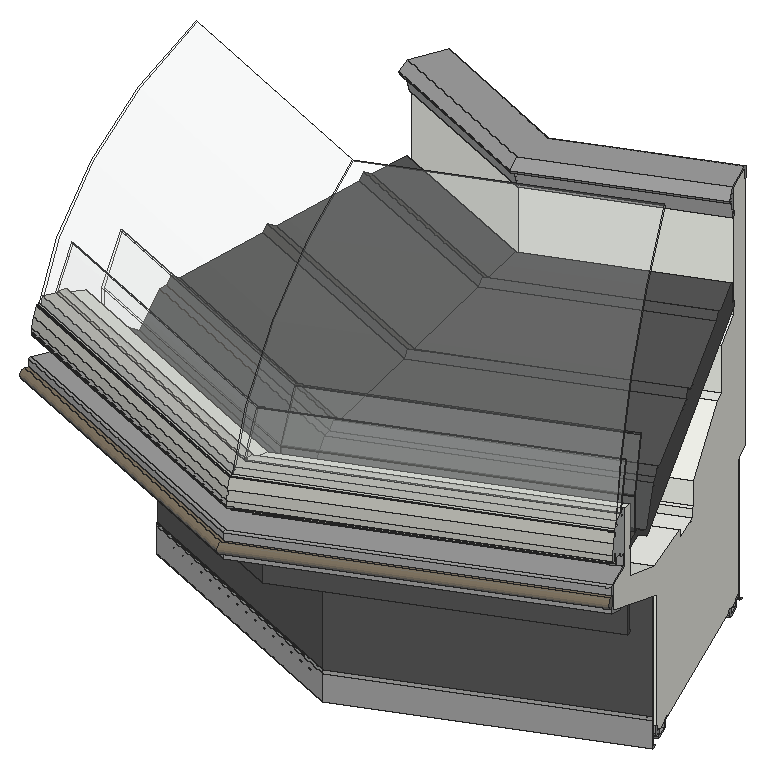
Revit family "DSFM-45-OS-CG_2014", category Specialty Equipment, Revit 2014
Parameters (values of type "45 OS")
  Width = 65 3/4"  # constant formula
  Waste Drain = 1 1/2"  # constant formula
  URL = "www.hussmann.com"
  Type Comments = "Chino"  # constant formula
  Trim = Stainless Steel
  Total Weight = Case Weight + (2 * End Weight)  # 0.00 lbf
  Splashguard = Stainless Steel
  Shelves = Sheet Metal (Steel Painted) - 701 Black
  Revit Family Date = "09/20/2016"  # constant formula
  Refrigeration Lines Suction = 5/8"  # constant formula
  Refrigeration Lines Liquid = 3/8"  # constant formula
  Refrig. Suction = "Suction"
  Refrig. Liquid = "Liquid"
  Number of Supports = 2  # constant formula
  Note from Manufacturer = "This model only comes in one size."  # constant formula
  Model URL = "http://www.hussmann.com/en/product%20viewer/display-cases/DSFM"
  Model = "DSFM - 45 Outside Wedge with Curved Glass"  # constant formula
  Manufacturer Disclaimer = "The information in this file is not intended to be an exact representation of the corresponding Hussmann product.  Further, we reserve the right to change or revise specifications and product design in connection with any feature of our products. Such changes do not entitle the buyer to corresponding changes, improvements, additions, or replacements for equipment previously sold or shipped."  # constant formula
  Manufacturer = "Hussmann Corporation"  # constant formula
  Light [instance] = yes
  Height = 52 1/4"  # constant formula
  Glazing = Glass
  End Weight = 0.00 lbf  # constant formula
  Door Frame = Plastic - 144 Mist Gray
  Description = "Medium Depth Service Merchandiser for Fresh Seafood Applications"  # constant formula
  Depth = 42 1/2"  # constant formula
  Cutsheet URL = "http://www.hussmann.com/en/Technical%20Documents/DSFM_ds_En.pdf"
  Close Off Panel = Textured Sheet Metal (Steel Painted) - 701 Black
  Case Weight = 0.00 lbf  # constant formula
  Case Interior - Side Panel = Mirror
  Case Interior - Back Panel = Mirror
  Case = Textured Sheet Metal (Steel Painted) - 149 White Satin Matte
  Bumper = Extruded PVC - 747 Chocolate Brown
  Assembly Code = ""
  Accessories/Options = ""
Reference planes (in)
  plane 1 "Bottom": z = 0
  plane 2 "Center (Left/Right)": x = -29.25915
  plane 3 "Right": through (-12.67103, 5.83818, 48) normal (0.9239, 0.3827, 0)
  plane 4 "Left": through (-62.10519, -33.41192, 48) normal (-0.9239, 0.3827, 0)
  plane 5 "Front Right": through (-29.25915, -47.0172, 48) normal (-0.3827, 0.9239, 0)
  plane 6 "Front Left": through (-62.10519, -33.41192, 48) normal (0.3827, 0.9239, 0)
  plane 7 "Front": y = -47.0172
  plane 8 "Back Right": through (-14.06297, 5.27893, 48) normal (-0.3827, 0.9239, 0)
  plane 9 "Back Left": through (-180.26562, 61.5334, 48) normal (0.3827, 0.9239, 0)
  plane 10 "Back": y = 5.85296
Forms (in)
  Extrusion 1, solid, material "Metal - Copper"
    sketch origin (57.40105, 5, -0.375) x (1, 0, 0) y (0, 1, 0)
      loop
        circle (-89.4727, -19.39053) r 0.28859
      loop
        circle (-89.4727, -19.39053) r 0.3125
    from 4.26162 to 0.375
  Extrusion 2, solid, material "Metal - Copper"
    sketch origin (59.82608, 5, -0.375) x (1, 0, 0) y (0, 1, 0)
      loop
        circle (-91.39773, -19.39053) r 0.17188
      loop
        circle (-91.39773, -19.39053) r 0.1875
    from 4.26162 to 0.375
  Extrusion 3, solid, material "Metal - Copper"
    sketch origin (-56.6875, 1.04319, 0) x (1, 0, 0) y (0, 1, 0)
      loop
        arc (27.42835, -21.30872) -> (26.89802, -21.52839) -> (26.67835, -22.05872) r 0.75
        arc (26.67835, -22.05872) -> (26.89802, -22.58905) -> (27.42835, -22.80872) r 0.75
        arc (27.42835, -22.80872) -> (27.95868, -22.58905) -> (28.17835, -22.05872) r 0.75
        arc (28.17835, -22.05872) -> (27.95868, -21.52839) -> (27.42835, -21.30872) r 0.75
      loop
        circle (27.42835, -22.05872) r 0.7102
    from 6.42413 to 3.51473
  Sweep 4, solid, material "Textured Sheet Metal (Steel Painted) - 149 White Satin Matte" <- "Case"
    path in 3D
      loop
        line (3.58689, -33.41192, 0) -> (-29.25915, -47.0172, 0) -> (-62.10519, -33.41192, 0)
    profile origin (3.58689, -33.41192, 0) x (0.382683, -0.92388, 0) y (0, 0, 1)
      loop
        line (-42.5465, 42.51732) -> (-42.5465, 14.62462) -> (-40.44304, 14.62462) -> (-40.44304, 0.83962) -> (-14.71056, 0.83962) -> (-14.71056, 14.76385) -> (-1.45118, 20.39212) -> (-0.9905, 20.39212) -> (-0.9905, 22.76712) -> (-1.2405, 23.01712) -> (-4.62035, 23.01712) -> (-4.62035, 28.62819) -> (-6.48624, 28.26483) -> (-6.48624, 27.34944) -> (-6.33667, 25.63995) -> (-6.33667, 21.19008) -> (-14.37777, 17.77684) -> (-22.04352, 17.26314) -> (-22.04352, 16.34236) -> (-25.98102, 16.34236) -> (-25.98102, 17.25175) -> (-26.55143, 17.26171) -> (-26.55143, 19.72211) -> (-33.92025, 23.69965) -> (-35.27325, 23.80279) -> (-35.27325, 28.52488) -> (-38.8774, 29.66553) -> (-38.8774, 39.92387) -> (-38.79697, 39.92387) -> (-38.63795, 40.51732) -> (-38.63795, 42.51732) -> (-42.5465, 42.51732)
  Sweep 5, solid, material "Textured Sheet Metal (Steel Painted) - 701 Black" <- "Close Off Panel"
    path in 3D
      loop
        line (3.58689, -33.41192, 0) -> (-29.25915, -47.0172, 0) -> (-62.10519, -33.41192, 0)
    profile origin (3.58689, -33.41192, 0) x (0.382683, -0.92388, 0) y (0, 0, 1)
      loop
        line (-13.64908, 0.75286) -> (-13.64908, 15.21442) -> (-13.72194, 15.18349) -> (-13.72194, 0.75286) -> (-13.64908, 0.75286)
      loop
        line (-40.44304, 14.58962) -> (-40.56804, 14.58962) -> (-40.56804, 0.83962) -> (-40.44304, 0.83962) -> (-40.44304, 14.58962)
  Sweep 6, solid, material "Stainless Steel" <- "Trim"
    path in 3D
      loop
        line (3.58689, -33.41192, 0) -> (-29.25915, -47.0172, 0) -> (-62.10519, -33.41192, 0)
    profile origin (3.58689, -33.41192, 0) x (0.382683, -0.92388, 0) y (0, 0, 1)
      loop
        line (-14.63206, 1.657) -> (-14.71056, 1.657) -> (-14.71056, 0.83962) -> (-15.55031, 0.83962)
        arc (-15.55031, 0.83962) -> (-15.58749, 0.81085) -> (-15.60156, 0.766) r 0.0785
        line (-15.60156, 0.766) -> (-15.60156, 0.0785) -> (-17.28906, 0.0785) -> (-17.28906, 0.766)
        arc (-17.28906, 0.766) -> (-17.30314, 0.81085) -> (-17.34031, 0.83962) r 0.0785
        line (-17.34031, 0.83962) -> (-18.11756, 0.83962) -> (-18.11756, 0.766) -> (-17.36756, 0.766) -> (-17.36756, 0.0785)
        arc (-17.36756, 0.0785) -> (-17.34457, 0.02299) -> (-17.28906, 0) r 0.0785
        line (-17.28906, 0) -> (-15.60156, 0)
        arc (-15.60156, 0) -> (-15.54605, 0.02299) -> (-15.52306, 0.0785) r 0.0785
        line (-15.52306, 0.0785) -> (-15.52306, 0.766) -> (-14.71056, 0.766)
        arc (-14.71056, 0.766) -> (-14.65505, 0.78899) -> (-14.63206, 0.8445) r 0.0785
        line (-14.63206, 0.8445) -> (-14.63206, 1.657)
      loop
        line (-40.51356, 0.766) -> (-39.70106, 0.766) -> (-39.70106, 0.0785)
        arc (-39.70106, 0.0785) -> (-39.67807, 0.02299) -> (-39.62256, 0) r 0.0785
        line (-39.62256, 0) -> (-37.93506, 0)
        arc (-37.93506, 0) -> (-37.87955, 0.02299) -> (-37.85656, 0.0785) r 0.0785
        line (-37.85656, 0.0785) -> (-37.85656, 0.766) -> (-37.12376, 0.766) -> (-37.12376, 0.8445) -> (-37.82656, 0.8445)
        arc (-37.82656, 0.8445) -> (-37.90328, 0.81272) -> (-37.93506, 0.736) r 0.1085
        line (-37.93506, 0.736) -> (-37.93506, 0.1085)
        arc (-37.93506, 0.1085) -> (-37.94385, 0.08729) -> (-37.96506, 0.0785) r 0.03
        line (-37.96506, 0.0785) -> (-39.59256, 0.0785)
        arc (-39.59256, 0.0785) -> (-39.61377, 0.08729) -> (-39.62256, 0.1085) r 0.03
        line (-39.62256, 0.1085) -> (-39.62256, 0.766)
        arc (-39.62256, 0.766) -> (-39.63664, 0.81085) -> (-39.67381, 0.83962) r 0.0785
        line (-39.67381, 0.83962) -> (-40.51356, 0.83962) -> (-40.51356, 0.766)
  Sweep 7, solid, material "Stainless Steel" <- "Splashguard"
    path in 3D
      loop
        line (3.58689, -33.41192, 0) -> (-29.25915, -47.0172, 0) -> (-62.10519, -33.41192, 0)
    profile origin (3.58689, -33.41192, 0) x (0.382683, -0.92388, 0) y (0, 0, 1)
      loop
        line (-13.56852, 2.78974) -> (-13.61085, 3.09929) -> (-13.64554, 3.09462) -> (-13.6032, 2.785) -> (-13.6032, 0.035) -> (-14.1032, 0.035) -> (-14.1032, 0) -> (-13.56819, 0) -> (-13.56852, 2.78974)
      loop
        line (-40.62706, 2.85914) -> (-40.62706, 0.48261) -> (-40.94846, 0.09959) -> (-41.31776, 0.03447) -> (-41.31168, 0) -> (-40.92983, 0.06733) -> (-40.59206, 0.46987) -> (-40.59206, 2.85761) -> (-40.57027, 3.10666) -> (-40.60514, 3.10971) -> (-40.62706, 2.85914)
  Sweep 8, solid, material "Stainless Steel" <- "Trim"
    path in 3D
      loop
        line (3.58689, -33.41192, 0) -> (-29.25915, -47.0172, 0) -> (-62.10519, -33.41192, 0)
    profile origin (3.58689, -33.41192, 0) x (0.382683, -0.92388, 0) y (0, 0, 1)
      loop
        line (-4.55623, 24.23914) -> (-4.62035, 24.23914) -> (-4.62035, 23.01712) -> (-1.2405, 23.01712) -> (-0.9905, 22.76712) -> (-0.9905, 20.39212) -> (-1.45118, 20.39212) -> (-3.45395, 19.54199) -> (-3.39519, 19.38055) -> (-0.88, 20.29601) -> (-0.88, 22.89212)
        arc (-0.88, 22.89212) -> (-0.93067, 23.01445) -> (-1.053, 23.06512) r 0.173
        line (-1.053, 23.06512) -> (-4.55623, 23.06512) -> (-4.55623, 24.23914)
      loop
        line (-38.5595, 42.56512) -> (-42.609, 42.56512) -> (-42.609, 41.32812) -> (-42.5465, 41.32812) -> (-42.5465, 42.51732) -> (-38.63795, 42.51732) -> (-38.63795, 40.51732) -> (-38.79697, 39.92387) -> (-38.8774, 39.92387) -> (-38.8774, 39.52827) -> (-38.67052, 39.47921) -> (-38.20616, 41.43732) -> (-37.76595, 41.49919) -> (-37.89907, 41.32881) -> (-37.87149, 41.30726) -> (-37.62155, 41.62717) -> (-38.5595, 42.56512)
  Sweep 9, solid, material "Extruded PVC - 747 Chocolate Brown" <- "Bumper"
    path in 3D
      loop
        line (3.58689, -33.41192, 0) -> (-29.25915, -47.0172, 0) -> (-62.10519, -33.41192, 0)
    profile origin (3.58689, -33.41192, 0) x (0.382683, -0.92388, 0) y (0, 0, 1)
      loop
        arc (-0.4732, 21.00717) -> (0.02903, 21.56967) -> (-0.4732, 22.13217) r 0.56612
        line (-0.4732, 22.13217) -> (-0.88, 22.13217) -> (-0.88, 21.00717) -> (-0.4732, 21.00717)
  Sweep 10, solid, material "Plastic - 144 Mist Gray" <- "Door Frame"
    path in 3D
      loop
        line (3.58689, -33.41192, 0) -> (-29.25915, -47.0172, 0) -> (-62.10519, -33.41192, 0)
    profile origin (3.58689, -33.41192, 0) x (0.382683, -0.92388, 0) y (0, 0, 1)
      loop
        line (-1.17941, 25.93044) -> (-1.30394, 27.01633) -> (-1.67306, 28.0514) -> (-1.70302, 28.0623) -> (-1.6598, 28.06992)
        arc (-1.6598, 28.06992) -> (-1.64115, 28.07024) -> (-1.64374, 28.08871) r 0.01245
        line (-1.64374, 28.08871) -> (-1.73523, 28.14936) -> (-1.8441, 28.2887)
        arc (-1.8441, 28.2887) -> (-1.70112, 27.60522) -> (-1.57001, 26.91937) r 40.25
        line (-1.57001, 26.91937) -> (-1.81596, 26.87456)
        arc (-1.81596, 26.87456) -> (-2.00929, 27.86477) -> (-2.22754, 28.84979) r 40
        line (-2.22754, 28.84979) -> (-3.53994, 28.84979) -> (-3.33759, 28.26213) -> (-3.362, 28.21209) -> (-3.5109, 28.16082) -> (-3.56094, 28.18522) -> (-3.78366, 28.83204)
        arc (-3.78366, 28.83204) -> (-4.19661, 28.95475) -> (-4.62035, 28.87709) r 0.92486
        line (-4.62035, 28.87709) -> (-4.62035, 24.3616) -> (-4.48256, 24.3616) -> (-4.48256, 24.4994) -> (-3.91169, 24.4994) -> (-3.91169, 24.57814) -> (-3.69515, 24.57814) -> (-3.69515, 25.05058) -> (-2.762, 25.05058) -> (-2.762, 25.1883) -> (-2.00224, 25.1883) -> (-2.00224, 24.70609)
        arc (-2.00224, 24.70609) -> (-1.95303, 24.65688) -> (-1.90382, 24.70609) r 0.04921
        line (-1.90382, 24.70609) -> (-1.90382, 26.05384) -> (-1.3172, 26.05384) -> (-1.25815, 25.95609) -> (-1.25815, 25.46397) -> (-1.3172, 25.40491) -> (-1.3172, 25.30649)
        arc (-1.3172, 25.30649) -> (-1.30567, 25.27865) -> (-1.27783, 25.26712) r 0.03937
        line (-1.27783, 25.26712) -> (-1.21878, 25.26712)
        arc (-1.21878, 25.26712) -> (-1.19094, 25.27865) -> (-1.17941, 25.30649) r 0.03937
        line (-1.17941, 25.30649) -> (-1.17941, 25.93044)
  Sweep 11, solid, material "Glass" <- "Glazing"
    path in 3D
      loop
        line (3.58689, -33.41192, 0) -> (-29.25915, -47.0172, 0) -> (-62.10519, -33.41192, 0)
    profile origin (3.58689, -33.41192, 0) x (0.382683, -0.92388, 0) y (0, 0, 1)
      loop
        line (-17.49337, 52.25619) -> (-17.64042, 52.05401)
        arc (-17.64042, 52.05401) -> (-7.30118, 40.98958) -> (-1.81596, 26.87456) r 40
        line (-1.81596, 26.87456) -> (-1.57001, 26.91937)
        arc (-1.57001, 26.91937) -> (-7.08951, 41.12261) -> (-17.49337, 52.25619) r 40.25
      loop
        line (-10.22021, 33.19964) -> (-8.37036, 28.02006) -> (-8.37036, 24.52546) -> (-8.12036, 24.52546) -> (-8.12036, 28.06337) -> (-9.98477, 33.28373)
        arc (-9.98477, 33.28373) -> (-10.14453, 33.3594) -> (-10.22021, 33.19964) r 0.125
      loop
        line (-3.33759, 28.26213) -> (-5.10643, 33.3992) -> (-5.15647, 33.42361) -> (-5.30537, 33.37234) -> (-5.32978, 33.32229) -> (-3.56094, 28.18522) -> (-3.5109, 28.16082) -> (-3.362, 28.21209) -> (-3.33759, 28.26213)
  Sweep 12, solid, material "Sheet Metal (Steel Painted) - 701 Black" <- "Shelves"
    path in 3D
      loop
        line (3.58689, -33.41192, 0) -> (-29.25915, -47.0172, 0) -> (-62.10519, -33.41192, 0)
    profile origin (3.58689, -33.41192, 0) x (0.382683, -0.92388, 0) y (0, 0, 1)
      loop
        line (-38.41233, 33.08566) -> (-38.41233, 30.9343) -> (-38.8774, 31.07755) -> (-38.8774, 30.52079) -> (-11.80479, 22.17891) -> (-8.81011, 23.90789) -> (-6.33667, 23.90789) -> (-6.33667, 24.44289) -> (-8.95347, 24.44289) -> (-11.87035, 22.75882) -> (-13.8685, 26.39931) -> (-14.54896, 26.58469) -> (-15.03542, 27.43543) -> (-15.84319, 26.97354) -> (-24.13694, 29.23297) -> (-24.59883, 30.04074) -> (-25.44957, 29.55428) -> (-33.72354, 31.80832) -> (-34.17525, 32.59829) -> (-34.96522, 32.14658) -> (-38.41233, 33.08566)
  Sweep 13, solid, material "Textured Sheet Metal (Steel Painted) - 701 Black" <- "Close Off Panel", visible <- "Light"
    path in 3D
      loop
        line (-1.63639, -20.80181, 15.21442) -> (-29.25915, -32.24354, 15.21442) -> (-56.88191, -20.80181, 15.21442)
    profile origin (-56.88191, -20.80181, 15.21442) x (0, 0, -1) y (-0.382683, -0.92388, 0)
      loop
        line (-0.34266, 7.66508) -> (-0.34266, 7.29008) -> (-0.53016, 7.29008) -> (-0.53016, 7.22758) -> (-0.28016, 7.22758) -> (-0.28016, 7.72758) -> (-3.28016, 7.72758) -> (-3.25364, 7.66508) -> (-0.34266, 7.66508)
Lines and regions (in)
  reference lines
    curve 1: line (-29.25915, -47.0172, 0) -> (-29.25915, 5.83818, 0)
    curve 2: line (-31.75915, -47.0172, 0) -> (-31.75915, 5.83818, 0)
    curve 3: line (-56.97925, -21.01553, 0) -> (-1.53905, -21.01553, 0)
    curve 4: line (-4.26986, -14.39053, 0) -> (-54.24844, -14.39053, 0)
  sketch lines
    curve 5: line (3.58689, -33.41192, 0) -> (-29.25915, -47.0172, 0)
    curve 6: line (-29.25915, -47.0172, 0) -> (-62.10519, -33.41192, 0)
    curve 7: line (3.58689, -33.41192, 0) -> (-29.25915, -47.0172, 0)
    curve 8: line (-29.25915, -47.0172, 0) -> (-62.10519, -33.41192, 0)
    curve 9: line (3.58689, -33.41192, 0) -> (-29.25915, -47.0172, 0)
    curve 10: line (-29.25915, -47.0172, 0) -> (-62.10519, -33.41192, 0)
    curve 11: line (3.58689, -33.41192, 0) -> (-29.25915, -47.0172, 0)
    curve 12: line (-29.25915, -47.0172, 0) -> (-62.10519, -33.41192, 0)
    curve 13: line (3.58689, -33.41192, 0) -> (-29.25915, -47.0172, 0)
    curve 14: line (-29.25915, -47.0172, 0) -> (-62.10519, -33.41192, 0)
    curve 15: line (3.58689, -33.41192, 0) -> (-29.25915, -47.0172, 0)
    curve 16: line (-29.25915, -47.0172, 0) -> (-62.10519, -33.41192, 0)
    curve 17: line (3.58689, -33.41192, 0) -> (-29.25915, -47.0172, 0)
    curve 18: line (-29.25915, -47.0172, 0) -> (-62.10519, -33.41192, 0)
    curve 19: line (3.58689, -33.41192, 0) -> (-29.25915, -47.0172, 0)
    curve 20: line (-29.25915, -47.0172, 0) -> (-62.10519, -33.41192, 0)
    curve 21: line (3.58689, -33.41192, 0) -> (-29.25915, -47.0172, 0)
    curve 22: line (-29.25915, -47.0172, 0) -> (-62.10519, -33.41192, 0)
    curve 23: line (-29.25915, -32.24354, 15.21442) -> (-56.88191, -20.80181, 15.21442)
    curve 24: line (-1.63639, -20.80181, 15.21442) -> (-29.25915, -32.24354, 15.21442)
Dimensions and locks (in)
  locked: Extrusion 3 sketch curve to Extrusion 3 sketch curve at 0.0398
  locked: Extrusion 2 sketch curve to Extrusion 2 sketch curve at 0.01562
  locked: Extrusion 1 sketch curve to Extrusion 1 sketch curve at 0.02391
  locked: plane 9 "Back Left" to plane 6 "Front Left" at 42.5
  locked: plane 8 "Back Right" to plane 5 "Front Right" at 42.5
  locked: plane 9 "Back Left" to nested 1 at 34.75
  locked: plane 8 "Back Right" to nested 2 at 34.75
  locked: curve 2 to plane 2 "Center (Left/Right)" at 2.5
  locked: plane 7 "Front" to plane 10 "Back" at 52.87016
  locked: plane 9 "Back Left" to curve 4 at 13.375
  locked: curve 3 to plane 9 "Back Left" at 20
  "Waste Drain": diameter of Extrusion 3 sketch curve
  "Refrigeration Lines Liquid": diameter of Extrusion 2 sketch curve
  "Refrigeration Lines Suction": diameter of Extrusion 1 sketch curve
  aligned and locked: Extrusion 1 to level
  aligned and locked: Extrusion 2 to level
  aligned and locked: curve 4 to Extrusion 2 sketch curve  (x4)
  aligned and locked: curve 4 to Extrusion 1 sketch curve  (x4)
  aligned and locked: curve 3 to Extrusion 3 sketch curve
  aligned and locked: curve 1 to Extrusion 3 sketch curve
  aligned and locked: curve 2 to Extrusion 2 sketch curve
  aligned and locked: curve 2 to Extrusion 1 sketch curve
  aligned and locked: plane 3 "Right" to nested 2
  aligned and locked: plane 4 "Left" to nested 1
Automatic sketch dimensions
  profile plane to Sweep 4 sketch curve = 14.62462"
  profile plane to Sweep 4 sketch curve = 42.5465"
  Sweep 4 sketch curve to Sweep 4 sketch curve = 2.10346"
  Sweep 4 sketch curve to Sweep 4 sketch curve = 27.89271"
  profile plane to Sweep 4 sketch curve = 0.83962"
  profile plane to Sweep 4 sketch curve = 14.71056"
  Sweep 4 sketch curve to Sweep 4 sketch curve = 13.92423"
  profile plane to Sweep 4 sketch curve = 1.45118"
  Sweep 4 sketch curve to Sweep 4 sketch curve = 5.62827"
  Sweep 4 sketch curve to Sweep 4 sketch curve = 0.46068"
  Sweep 4 sketch curve to Sweep 4 sketch curve = 2 3/8"
  Sweep 4 sketch curve to Sweep 4 sketch curve = 1/4"  (x2)
  Sweep 4 sketch curve to Sweep 4 sketch curve = 3.37985"
  Sweep 4 sketch curve to Sweep 4 sketch curve = 5.61107"
  Sweep 4 sketch curve to Sweep 4 sketch curve = 1.86588"
  Sweep 4 sketch curve to Sweep 4 sketch curve = 0.36336"
  Sweep 4 sketch curve to Sweep 4 sketch curve = 0.91538"
  Sweep 4 sketch curve to Sweep 4 sketch curve = 0.14956"
  Sweep 4 sketch curve to Sweep 4 sketch curve = 1.70949"
  Sweep 4 sketch curve to Sweep 4 sketch curve = 1.82704"
  Sweep 4 sketch curve to Sweep 4 sketch curve = 0.3328"
  Sweep 4 sketch curve to Sweep 4 sketch curve = 3.01299"
  Sweep 4 sketch curve to Sweep 4 sketch curve = 7.66575"
  Sweep 4 sketch curve to Sweep 4 sketch curve = 0.51369"
  Sweep 4 sketch curve to Sweep 4 sketch curve = 0.92079"
  Sweep 4 sketch curve to Sweep 4 sketch curve = 3 15/16"
  Sweep 4 sketch curve to Sweep 4 sketch curve = 0.90939"
  Sweep 4 sketch curve to Sweep 4 sketch curve = 0.57041"
  Sweep 4 sketch curve to Sweep 4 sketch curve = 0.00996"
  Sweep 4 sketch curve to Sweep 4 sketch curve = 2.46041"
  Sweep 4 sketch curve to Sweep 4 sketch curve = 7.36883"
  Sweep 4 sketch curve to Sweep 4 sketch curve = 3.97753"
  Sweep 4 sketch curve to Sweep 4 sketch curve = 1.353"
  Sweep 4 sketch curve to Sweep 4 sketch curve = 0.10314"
  Sweep 4 sketch curve to Sweep 4 sketch curve = 4.7221"
  Sweep 4 sketch curve to Sweep 4 sketch curve = 3.60415"
  Sweep 4 sketch curve to Sweep 4 sketch curve = 1.14065"
  Sweep 4 sketch curve to Sweep 4 sketch curve = 0.23945"
  Sweep 4 sketch curve to Sweep 4 sketch curve = 0.59345"
  Sweep 4 sketch curve to Sweep 4 sketch curve = 0.08043"
  Sweep 4 sketch curve to Sweep 4 sketch curve = 2"
  profile plane to Sweep 5 sketch curve = 13.72194"
  Sweep 5 sketch curve to Sweep 5 sketch curve = 0.07285"
  profile plane to Sweep 5 sketch curve = 15.18349"
  Sweep 5 sketch curve to Sweep 5 sketch curve = 0.03092"
  profile plane to Sweep 5 sketch curve = 0.75286"
  Sweep 5 sketch curve to Sweep 5 sketch curve = 26.8461"
  profile plane to Sweep 5 sketch curve = 14.58962"
  Sweep 5 sketch curve to Sweep 5 sketch curve = 1/8"
  profile plane to Sweep 5 sketch curve = 0.83962"
  profile plane to Sweep 6 sketch curve = 1.657"
  profile plane to Sweep 6 sketch curve = 14.63206"
  Sweep 6 sketch curve to Sweep 6 sketch curve = 0.0785"  (x4)
  Sweep 6 sketch curve to Sweep 6 sketch curve = 13/16"  (x2)
  Sweep 6 sketch curve to Sweep 6 sketch curve = 0.00488"
  Sweep 6 sketch curve to Sweep 6 sketch curve = 0"  (x9)
  Sweep 6 sketch curve to Sweep 6 sketch curve = 0.83975"
  Sweep 6 sketch curve to Sweep 6 sketch curve = 0.02725"  (x3)
  profile plane to Sweep 6 sketch curve = 0.0785"  (x2)
  Sweep 6 sketch curve to profile plane = 0"  (x2)
  Sweep 6 sketch curve to Sweep 6 sketch curve = 1 11/16"
  Sweep 6 sketch curve to Sweep 6 sketch curve = 11/16"
  Sweep 6 sketch curve to Sweep 6 sketch curve = 3/4"
  profile plane to Sweep 6 sketch curve = 0.766"
  Sweep 6 sketch curve to Sweep 6 sketch curve = 22.396"
  Sweep 6 sketch curve to Sweep 6 sketch curve = 0.07362"
  Sweep 6 sketch curve to Sweep 6 sketch curve = 0.03"  (x5)
  Sweep 6 sketch curve to Sweep 6 sketch curve = 1.6275"
  Sweep 6 sketch curve to Sweep 6 sketch curve = 0.6275"
  Sweep 6 sketch curve to Sweep 6 sketch curve = 0.8113"
  Sweep 7 sketch curve to profile plane = 0"  (x2)
  profile plane to Sweep 7 sketch curve = 2.78974"
  profile plane to Sweep 7 sketch curve = 13.56852"
  profile plane to Sweep 7 sketch curve = 3.09929"
  Sweep 7 sketch curve to Sweep 7 sketch curve = 0.04233"
  Sweep 7 sketch curve to Sweep 7 sketch curve = 0.00033"
  profile plane to Sweep 7 sketch curve = 2.785"
  Sweep 7 sketch curve to Sweep 7 sketch curve = 0.03468"
  profile plane to Sweep 7 sketch curve = 3.09462"
  Sweep 7 sketch curve to Sweep 7 sketch curve = 0.03469"
  profile plane to Sweep 7 sketch curve = 0.035"
  Sweep 7 sketch curve to Sweep 7 sketch curve = 1/2"
  profile plane to Sweep 7 sketch curve = 2.85914"
  Sweep 7 sketch curve to Sweep 7 sketch curve = 26.52387"
  Sweep 7 sketch curve to Sweep 7 sketch curve = 0.02192"
  profile plane to Sweep 7 sketch curve = 0.48261"
  Sweep 7 sketch curve to Sweep 7 sketch curve = 0.32139"
  profile plane to Sweep 7 sketch curve = 0.03447"
  Sweep 7 sketch curve to Sweep 7 sketch curve = 0.00608"
  profile plane to Sweep 7 sketch curve = 0.06733"
  Sweep 7 sketch curve to Sweep 7 sketch curve = 0.01862"
  profile plane to Sweep 7 sketch curve = 0.46987"
  Sweep 7 sketch curve to Sweep 7 sketch curve = 0.035"
  Sweep 7 sketch curve to Sweep 7 sketch curve = 0.00153"
  Sweep 7 sketch curve to Sweep 7 sketch curve = 0.03487"
  profile plane to Sweep 8 sketch curve = 4.55623"
  profile plane to Sweep 8 sketch curve = 24.23914"
  Sweep 8 sketch curve to Sweep 8 sketch curve = 0.06412"
  Sweep 8 sketch curve to Sweep 8 sketch curve = 1.17402"
  Sweep 8 sketch curve to Sweep 8 sketch curve = 0.048"
  profile plane to Sweep 8 sketch curve = 1.053"
  Sweep 8 sketch curve to Sweep 8 sketch curve = 3/16"
  Sweep 8 sketch curve to Sweep 8 sketch curve = 0.173"
  Sweep 8 sketch curve to Sweep 8 sketch curve = 1/16"  (x2)
  Sweep 8 sketch curve to Sweep 8 sketch curve = 1/8"
  Sweep 8 sketch curve to Sweep 8 sketch curve = 2.47111"
  Sweep 8 sketch curve to Sweep 8 sketch curve = 0.09611"
  Sweep 8 sketch curve to Sweep 8 sketch curve = 1.01156"
  Sweep 8 sketch curve to Sweep 8 sketch curve = 0.46068"
  Sweep 8 sketch curve to Sweep 8 sketch curve = 0.05876"
  Sweep 8 sketch curve to Sweep 8 sketch curve = 0.16144"
  profile plane to Sweep 8 sketch curve = 38.5595"
  Sweep 8 sketch curve to Sweep 8 sketch curve = 18.32598"
  Sweep 8 sketch curve to Sweep 8 sketch curve = 0.93795"  (x2)
  Sweep 8 sketch curve to Sweep 8 sketch curve = 4.0495"
  Sweep 8 sketch curve to Sweep 8 sketch curve = 0.24994"
  Sweep 8 sketch curve to Sweep 8 sketch curve = 0.33467"
  Sweep 8 sketch curve to Sweep 8 sketch curve = 1.237"
  Sweep 8 sketch curve to Sweep 8 sketch curve = 0.13006"
  Sweep 8 sketch curve to Sweep 8 sketch curve = 0.12798"
  Sweep 8 sketch curve to Sweep 8 sketch curve = 0.04779"
  Sweep 8 sketch curve to Sweep 8 sketch curve = 0.07845"
  Sweep 8 sketch curve to Sweep 8 sketch curve = 0.92"
  Sweep 8 sketch curve to Sweep 8 sketch curve = 0.15901"
  Sweep 8 sketch curve to Sweep 8 sketch curve = 0.59345"
  Sweep 8 sketch curve to Sweep 8 sketch curve = 0.12645"
  Sweep 8 sketch curve to Sweep 8 sketch curve = 0.44467"
  Sweep 8 sketch curve to Sweep 8 sketch curve = 0.02758"
  Sweep 8 sketch curve to Sweep 8 sketch curve = 0.02155"
  Sweep 8 sketch curve to Sweep 8 sketch curve = 0.20688"
  Sweep 8 sketch curve to Sweep 8 sketch curve = 0.04906"
  profile plane to Sweep 9 sketch curve = 0.53709"
  profile plane to Sweep 9 sketch curve = 0.4732"
  profile plane to Sweep 9 sketch curve = 21.56967"
  Sweep 9 sketch curve to Sweep 9 sketch curve = 9/16"
  Sweep 9 sketch curve to Sweep 9 sketch curve = 0.4068"  (x2)
  profile plane to Sweep 10 sketch curve = 1.17941"
  profile plane to Sweep 10 sketch curve = 25.93044"
  Sweep 10 sketch curve to Sweep 10 sketch curve = 0.12453"
  Sweep 10 sketch curve to Sweep 10 sketch curve = 0.62396"
  Sweep 10 sketch curve to Sweep 10 sketch curve = 1.08589"
  Sweep 10 sketch curve to Sweep 10 sketch curve = 0.03937"  (x2)
  Sweep 10 sketch curve to Sweep 10 sketch curve = 0.05906"  (x4)
  Sweep 10 sketch curve to Sweep 10 sketch curve = 0.09843"
  Sweep 10 sketch curve to Sweep 10 sketch curve = 0.02565"
  Sweep 10 sketch curve to Sweep 10 sketch curve = 0.09774"
  Sweep 10 sketch curve to Sweep 10 sketch curve = 0.58661"
  Sweep 10 sketch curve to Sweep 10 sketch curve = 0.60039"
  Sweep 10 sketch curve to Sweep 10 sketch curve = 0.04921"
  Sweep 10 sketch curve to Sweep 10 sketch curve = 0.48221"
  Sweep 10 sketch curve to Sweep 10 sketch curve = 0.75975"
  Sweep 10 sketch curve to Sweep 10 sketch curve = 0.13772"
  Sweep 10 sketch curve to Sweep 10 sketch curve = 0.93316"
  Sweep 10 sketch curve to Sweep 10 sketch curve = 0.47244"
  Sweep 10 sketch curve to Sweep 10 sketch curve = 0.21654"
  Sweep 10 sketch curve to Sweep 10 sketch curve = 0.07874"
  Sweep 10 sketch curve to Sweep 10 sketch curve = 0.57087"
  Sweep 10 sketch curve to Sweep 10 sketch curve = 0.1378"  (x2)
  Sweep 10 sketch curve to Sweep 10 sketch curve = 1.86076"
  Sweep 10 sketch curve to Sweep 10 sketch curve = 0.37402"
  Sweep 10 sketch curve to Sweep 10 sketch curve = 0.84586"
  Sweep 10 sketch curve to Sweep 10 sketch curve = 0.83669"
  Sweep 10 sketch curve to Sweep 10 sketch curve = 0.22272"
  Sweep 10 sketch curve to Sweep 10 sketch curve = 0.64682"
  Sweep 10 sketch curve to Sweep 10 sketch curve = 0.05004"  (x2)
  Sweep 10 sketch curve to Sweep 10 sketch curve = 0.02441"  (x2)
  Sweep 10 sketch curve to Sweep 10 sketch curve = 0.1489"
  Sweep 10 sketch curve to Sweep 10 sketch curve = 0.05127"
  Sweep 10 sketch curve to Sweep 10 sketch curve = 0.24372"
  Sweep 10 sketch curve to Sweep 10 sketch curve = 0.01775"
  Sweep 10 sketch curve to Sweep 10 sketch curve = 1.11006"
  Sweep 10 sketch curve to Sweep 10 sketch curve = 36.54788"
  profile plane to Sweep 10 sketch curve = 19.70525"
  Sweep 10 sketch curve to Sweep 10 sketch curve = 0.51202"
  Sweep 10 sketch curve to Sweep 10 sketch curve = 0.24595"
  Sweep 10 sketch curve to Sweep 10 sketch curve = 0.04481"
  Sweep 10 sketch curve to Sweep 10 sketch curve = 0"  (x2)
  Sweep 10 sketch curve to Sweep 10 sketch curve = 0.38344"
  Sweep 10 sketch curve to Sweep 10 sketch curve = 0.10887"
  Sweep 10 sketch curve to Sweep 10 sketch curve = 0.13935"
  Sweep 10 sketch curve to Sweep 10 sketch curve = 0.0915"
  Sweep 10 sketch curve to Sweep 10 sketch curve = 0.06064"
  Sweep 10 sketch curve to Sweep 10 sketch curve = 0.01607"
  Sweep 10 sketch curve to Sweep 10 sketch curve = 0.00919"
  Sweep 10 sketch curve to Sweep 10 sketch curve = 0.01879"
  Sweep 10 sketch curve to Sweep 10 sketch curve = 0.04321"
  Sweep 10 sketch curve to Sweep 10 sketch curve = 0.00762"
  Sweep 10 sketch curve to Sweep 10 sketch curve = 0.01325"
  Sweep 10 sketch curve to Sweep 10 sketch curve = 0.01852"
  Sweep 11 sketch curve to Sweep 11 sketch curve = 0"  (x2)
  profile plane to Sweep 11 sketch curve = 19.70525"
  profile plane to Sweep 11 sketch curve = 41.16823"
  profile plane to Sweep 11 sketch curve = 17.64042"
  Sweep 11 sketch curve to Sweep 11 sketch curve = 0.14705"
  Sweep 11 sketch curve to Sweep 11 sketch curve = 32.34876"
  Sweep 11 sketch curve to Sweep 11 sketch curve = 0.20218"
  profile plane to Sweep 11 sketch curve = 1.81596"
  Sweep 11 sketch curve to Sweep 11 sketch curve = 0.24595"
  profile plane to Sweep 11 sketch curve = 10.22021"
  Sweep 11 sketch curve to Sweep 11 sketch curve = 0.11772"  (x2)
  Sweep 11 sketch curve to Sweep 11 sketch curve = 6.32508"
  Sweep 11 sketch curve to Sweep 11 sketch curve = 0.04204"
  Sweep 11 sketch curve to Sweep 11 sketch curve = 1.84985"
  Sweep 11 sketch curve to Sweep 11 sketch curve = 5.17958"
  Sweep 11 sketch curve to Sweep 11 sketch curve = 1/4"
  Sweep 11 sketch curve to Sweep 11 sketch curve = 0.0433"
  Sweep 11 sketch curve to Sweep 11 sketch curve = 3.4946"
  Sweep 11 sketch curve to Sweep 11 sketch curve = 1.52163"
  Sweep 11 sketch curve to Sweep 11 sketch curve = 1.38757"
  Sweep 11 sketch curve to Sweep 11 sketch curve = 4.65499"
  Sweep 11 sketch curve to Sweep 11 sketch curve = 0.22335"  (x2)
  Sweep 11 sketch curve to Sweep 11 sketch curve = 0.02441"  (x4)
  Sweep 11 sketch curve to Sweep 11 sketch curve = 0.07691"  (x2)
  Sweep 11 sketch curve to Sweep 11 sketch curve = 0.05004"  (x4)
  Sweep 11 sketch curve to Sweep 11 sketch curve = 0.03856"
  profile plane to Sweep 12 sketch curve = 38.8774"
  profile plane to Sweep 12 sketch curve = 30.52079"
  Sweep 12 sketch curve to Sweep 12 sketch curve = 0.46507"
  profile plane to Sweep 12 sketch curve = 11.80479"
  profile plane to Sweep 12 sketch curve = 22.17891"
  Sweep 12 sketch curve to Sweep 12 sketch curve = 0.41351"
  Sweep 12 sketch curve to Sweep 12 sketch curve = 0.14325"
  Sweep 12 sketch curve to Sweep 12 sketch curve = 2.00811"
  Sweep 12 sketch curve to Sweep 12 sketch curve = 3.44711"
  Sweep 12 sketch curve to Sweep 12 sketch curve = 0.93908"
  Sweep 12 sketch curve to Sweep 12 sketch curve = 0.78997"
  Sweep 12 sketch curve to Sweep 12 sketch curve = 0.45171"
  profile plane to Sweep 12 sketch curve = 31.80832"
  Sweep 12 sketch curve to Sweep 12 sketch curve = 8.27397"
  Sweep 12 sketch curve to Sweep 12 sketch curve = 2.25403"
  Sweep 12 sketch curve to Sweep 12 sketch curve = 0.85074"
  Sweep 12 sketch curve to Sweep 12 sketch curve = 0.48646"  (x2)
  Sweep 12 sketch curve to Sweep 12 sketch curve = 0.46189"  (x2)
  Sweep 12 sketch curve to Sweep 12 sketch curve = 4.0384"
  Sweep 12 sketch curve to Sweep 12 sketch curve = 4.79463"
  Sweep 12 sketch curve to Sweep 12 sketch curve = 0.80777"
  Sweep 12 sketch curve to Sweep 12 sketch curve = 0.68046"
  Sweep 12 sketch curve to Sweep 12 sketch curve = 0.18537"
  Sweep 12 sketch curve to Sweep 12 sketch curve = 0.06556"
  Sweep 12 sketch curve to Sweep 12 sketch curve = 0.57991"
  Sweep 12 sketch curve to Sweep 12 sketch curve = 2.91688"
  Sweep 12 sketch curve to Sweep 12 sketch curve = 1.68406"
  Sweep 12 sketch curve to Sweep 12 sketch curve = 2.61679"
  Sweep 12 sketch curve to Sweep 12 sketch curve = 0.14335"
  Sweep 12 sketch curve to Sweep 12 sketch curve = 0.535"
  profile plane to Sweep 13 sketch curve = 0.28016"
  profile plane to Sweep 13 sketch curve = 7.72758"
  Sweep 13 sketch curve to Sweep 13 sketch curve = 1/16"  (x3)
  Sweep 13 sketch curve to Sweep 13 sketch curve = 2.91097"
  Sweep 13 sketch curve to Sweep 13 sketch curve = 0.02653"
  Sweep 13 sketch curve to Sweep 13 sketch curve = 7/16"
  Sweep 13 sketch curve to Sweep 13 sketch curve = 1/4"
  plane 4 "Left" to curve 3 = 0.00814"
  plane 4 "Left" to curve 4 = 0.02048"
  plane 3 "Right" to curve 4 = 0.02048"
  plane 3 "Right" to curve 3 = 0.00814"
  curve 2 to plane 7 "Front" = 0"
  curve 1 to plane 5 "Front Right" = 0"
  curve 1 to plane 2 "Center (Left/Right)" = 0"
  plane 10 "Back" to curve 2 = 0.01478"
  plane 10 "Back" to curve 1 = 0.01478"
  Extrusion 1 sketch curve to Extrusion 1 sketch curve = 0"
  Extrusion 2 sketch curve to Extrusion 2 sketch curve = 0"
  Extrusion 3 sketch curve to Extrusion 3 sketch curve = 0"  (x3)
Nested families (in)
  nested 1: "Light" at (-48.02679, -40.17209, -35.49742) x (-0.9239, 0.3827, 0) z (0, 0, 1), visible <- "Light", type "Light"
  nested 2: "Light" at (-10.49151, -40.17209, -35.49742) x (0.9239, 0.3827, 0) z (0, 0, 1), visible <- "Light", type "Light"
Connectors (in)
  piping at (-32.07165, -14.39053, 0), diameter 0.625, driven by "Refrig. Suction", driven by "Refrigeration Lines Suction"
    settings: on Extrusion 1, index 9, connector inside diameter 7/8", connector length 0", flow factor 0, pipe flow 0 GPM, pressure drop 0.00 psi, fitting loss kfactor 0, connector angle 0.00°, fixture units 0, engagement length 0", angle of deflection 0.00°, flow configuration 0, flow direction 2, fitting loss method 0, system type 22, joint type 0, gender type 0, connector reference index -1, connector utility 0, adjustable connector no, is connector primary yes, connector description "Suction"
  piping at (-31.57165, -14.39053, 0), diameter 0.375, driven by "Refrig. Liquid", driven by "Refrigeration Lines Liquid"
    settings: on Extrusion 2, index 10, connector inside diameter 3/8", connector length 0", flow factor 0, pipe flow 0 GPM, pressure drop 0.00 psi, fitting loss kfactor 0, connector angle 0.00°, fixture units 0, engagement length 0", angle of deflection 0.00°, flow configuration 0, flow direction 1, fitting loss method 0, system type 22, joint type 0, gender type 0, connector reference index -1, connector utility 0, adjustable connector no, is connector primary no, connector description "Liquid"
  piping at (-29.25915, -21.01553, 3.51473), diameter 1.5, driven by "Waste Drain"
    settings: on Extrusion 3, index 11, connector inside diameter 1 1/4", connector length 0", flow factor 0, pipe flow 0 GPM, pressure drop 0.00 psi, fitting loss kfactor 0, connector angle 0.00°, fixture units 0, engagement length 0", angle of deflection 0.00°, flow configuration 0, flow direction 0, fitting loss method 0, system type 16, joint type 0, gender type 0, connector reference index -1, connector utility 0, adjustable connector no, is connector primary no, connector description ""
Definition of nested family "Light"
  Parameters (values of type "Light")
    Wattage = 16.1571 W
    built-in parameter 1150110 = 1 (stored number, unit not read)
    built-in parameter 1114217 = 1 (stored number, unit not read)
    built-in parameter 1150109 = 1 (stored number, unit not read)
    built-in parameter 1150134 = (empty or 0)
    built-in parameter 1150113 = 1 (stored number, unit not read)
    Lumens = 2400 lm
    built-in parameter 1150115 = 1 (stored number, unit not read)
    built-in parameter 1150105 = 763.94 (stored number, unit not read)
    Light Source Symbol Size = 24"
    built-in parameter 1150137 = (empty or 0)
    built-in parameter 1150139 = (empty or 0)
    Lense = none
    Length = 24"
    built-in parameter 1150112 = 1 (stored number, unit not read)
    built-in parameter 1150114 = 1 (stored number, unit not read)
    built-in parameter 1150132 = 2
    built-in parameter 1150102 = (empty or 0)
    built-in parameter 1150138 = (empty or 0)
    built-in parameter 1150107 = 6100 (stored number, unit not read)
    built-in parameter 1150106 = 7.6394 (stored number, unit not read)
    Emit from Line Length = Length  # 24"
    built-in parameter 1150104 = 13.8 (stored number, unit not read)
    Dimming Lamp Color Temperature Shift = (empty or 0)
    Color Filter = 16777215
    Casing = none
    built-in parameter 1114218 = 1 (stored number, unit not read)
    built-in parameter 1150133 = 10 (stored number, unit not read)
  Reference planes (in)
    plane 1 "Light Source Axis (F/B)": y = -8.60801
    plane 2: z = 0
    plane 3 "Light Source Axis (L/R)": x = 0
    plane 4 "Light Source Elevation": z = 52.5
    plane 5: z = 0
    plane 6 "Left": x = -12
    plane 7 "Right": x = 12
  Lines and regions (in)
    model lines
      curve 1: line (-12, -8.60801, 52.5) -> (12, -8.60801, 52.5)
  Dimensions and locks (in)
    equal spacing: plane 7 "Right", plane 3 "Light Source Axis (L/R)", plane 6 "Left"
    "Length": plane 7 "Right" to plane 6 "Left"
    aligned and locked: plane 3 "Light Source Axis (L/R)" to imposter light
    aligned and locked: plane 1 "Light Source Axis (F/B)" to imposter light
    aligned and locked: plane 4 "Light Source Elevation" to imposter light
    aligned and locked: level to plane 5
  Automatic sketch dimensions
    plane 1 "Light Source Axis (F/B)" to curve 1 = 0"
    curve 1 to plane 6 "Left" = 0"
    curve 1 to plane 7 "Right" = 0"
